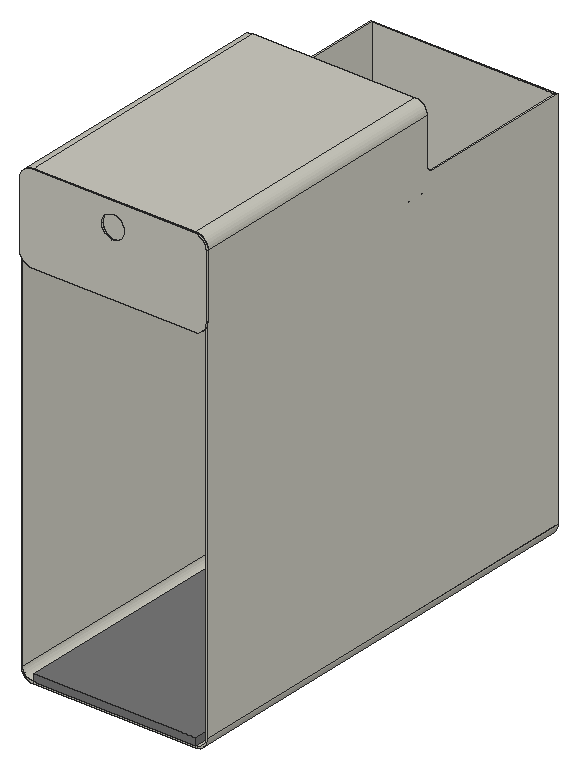
Revit family "Accessories-Teknion-JNAUOD-Undermount_Personal_Storage-R2018", category Furniture, Revit 2018
Family settings
  OmniClass Number = 23.40.20.00
  OmniClass Title = General Furniture and Specialties
  Work Plane-Based = No
  Always vertical = Yes
  Cut with Voids When Loaded = No
  Shared = Yes
  Room Calculation Point = No
Parameters (values of type "Navigate Frame Recessed Mounting Style")
  Warranty = "http://www.teknion.com/ca/papers/legal-canada"
  Unit Weight URL = "http://www.teknion.com/ca/tools/assets#&asset=bee6a381-b954-425e-8283-5a2de3a804f2,f828d448-4b62-4231-9e5f-9a8991c0ed77"
  URL = "www.teknion.com"
  To render please download texture images found here [instance] = "https://assets.teknion.com/web/5e81352c1dfdb467/revit-material-swatches/"
  Thickness of Worksurface [instance] = 3.000"
  Sustainability Data = "https://www.teknion.com/ca/tools/assets#&topic=216f99a5-57a0-44fc-b10a-9dee9b29ae4c&asset=444deb64-fe58-4b68-981e-f75e97781df7,b4ff2d81-9f2e-437d-9659-7cffb09c31cf"
  Standard = no
  Series = "Expansion Cityline"  # constant formula
  Product Page URL = "https://www.teknion.com/ca/products/product-details?productlineid=9ad2a26e-8e7a-673b-a6c8-ff05004460c4"
  Product Line = "Expansion Cityline"  # constant formula
  Product Documentation Link = "https://www.teknion.com/pricing/expansion-cityline/pdfs/JNAUOD_ppg.pdf"
  Part Number = "JNAUOD"  # constant formula
  Model = "JNAUODN170716"
  Manufacturer Phone = "416-661-3370"  # constant formula
  Manufacturer Fax = "416.661.4586"  # constant formula
  Manufacturer Contact Information = "http://www.teknion.com/ca/contactus"
  Manufacturer Address = "1150 Flint Road, Toronto, ON. M3J 2J5. Canada"  # constant formula
  Manufacturer = "Teknion"  # constant formula
  How To Use Teknion Materials User Guide [instance] = "https://assets.teknion.com/m/205dd0a49fa58060/original/How-to-add-a-Material-Library-and-Texture-Images-to-your-Revit-project.pdf"
  Height of Top of Worksurface [instance] = 30.811"
  Height [instance] = Height of Top of Worksurface - Thickness of Worksurface  # 27.811"
  For Additional Finishes please visit [instance] = "https://assets.teknion.com/m/44a8009b046e5d47/original/Teknion_Materials_Library.zip"
  Felt Finish [instance] = Fabric-Teknion-RB11-Carbon
  Drawer Front Finish [instance] = Paint - Teknion - Foundation - Soft Gris
  Description = "Undermount Personal Storage, Navigate Frame Recessed Mounting Style, 17 Height, 3 Width, 16 Depth"
  Cutouts = yes
  Cutout = 9.000"
  Case Finish [instance] = Paint - Teknion - Foundation - Soft Gris
  Assembly Code = "E2020200"
Types (3): name | Standard | Model | Description | Cutouts | Cutout
  (no name) | no | "JNAUODN170716" | "Undermount Personal Storage, Navigate Frame Recessed Mounting Style, 17 Height, 3 Width, 16 Depth" | yes | 9.000"
  Standard Mounting Style | yes | "JNAUODS170716" | "Undermount Personal Storage, Standard Mounting Style, 17 Height, 3 Width, 16 Depth" | no | 1.000"
  Navigate Frame Recessed Mounting Style | no | "JNAUODN170716" | "Undermount Personal Storage, Navigate Frame Recessed Mounting Style, 17 Height, 3 Width, 16 Depth" | yes | 9.000"
Reference planes (in)
  plane 1 "Center Front/Back": y = 0
  plane 2: z = 0
  plane 3 "Center Left/Right": x = 0
  plane 4 "Left": x = -3.49016
  plane 5 "Right": x = 3.49016
  plane 6 "Back": y = 8.21257
  plane 7 "Front": y = -8.21257
  plane 8 "Top": z = 27.811
Forms (in)
  Sweep 1, solid, material "Paint - Teknion - Foundation - Soft Gris" <- "Case Finish"
    path origin (0, 0, 0) x (1, 0, 0) y (0, 1, 0)
      loop
        line (0, -8.15352) -> (0, 8.21257)
    profile origin (0, 0.02953, 0) x (-1, 0, 0) y (0, 0, 1)
      loop
        arc (3.0374, 10.52754) -> (3.35755, 10.66014) -> (3.49016, 10.98029) r 0.45276
        line (3.49016, 10.98029) -> (3.49016, 27.35824)
        arc (3.49016, 27.35824) -> (3.35755, 27.67839) -> (3.0374, 27.811) r 0.45276
        line (3.0374, 27.811) -> (-3.0374, 27.811)
        arc (-3.0374, 27.811) -> (-3.35755, 27.67839) -> (-3.49016, 27.35824) r 0.45276
        line (-3.49016, 27.35824) -> (-3.49016, 10.98029)
        arc (-3.49016, 10.98029) -> (-3.35755, 10.66014) -> (-3.0374, 10.52754) r 0.45276
        line (-3.0374, 10.52754) -> (3.0374, 10.52754)
      loop
        line (3.4311, 10.98029) -> (3.4311, 27.35824)
        arc (3.4311, 27.35824) -> (3.31579, 27.63663) -> (3.0374, 27.75194) r 0.3937
        line (3.0374, 27.75194) -> (-3.0374, 27.75194)
        arc (-3.0374, 27.75194) -> (-3.31579, 27.63663) -> (-3.4311, 27.35824) r 0.3937
        line (-3.4311, 27.35824) -> (-3.4311, 10.98029)
        arc (-3.4311, 10.98029) -> (-3.31579, 10.7019) -> (-3.0374, 10.58659) r 0.3937
        line (-3.0374, 10.58659) -> (3.0374, 10.58659)
        arc (3.0374, 10.58659) -> (3.31579, 10.7019) -> (3.4311, 10.98029) r 0.3937
  Sweep 2, solid, material "Paint - Teknion - Foundation - Soft Gris" <- "Case Finish"
    path origin (0, 0, 0) x (1, 0, 0) y (0, 1, 0)
      loop
        line (0, -8.15352) -> (0, 2.11026)
    profile origin (0, -3.02163, 0) x (-1, 0, 0) y (0, 0, 1)
      loop
        arc (3.0374, 24.55509) -> (3.31579, 24.67041) -> (3.4311, 24.9488) r 0.3937
        line (3.4311, 24.9488) -> (3.4311, 27.35824)
        arc (3.4311, 27.35824) -> (3.31579, 27.63663) -> (3.0374, 27.75194) r 0.3937
        line (3.0374, 27.75194) -> (-3.0374, 27.75194)
        arc (-3.0374, 27.75194) -> (-3.31579, 27.63663) -> (-3.4311, 27.35824) r 0.3937
        line (-3.4311, 27.35824) -> (-3.4311, 24.9488)
        arc (-3.4311, 24.9488) -> (-3.31579, 24.67041) -> (-3.0374, 24.55509) r 0.3937
        line (-3.0374, 24.55509) -> (3.0374, 24.55509)
  Sweep 3, solid, material "Paint - Teknion - Foundation - Soft Gris" <- "Drawer Front Finish"
    path origin (0, 0, 0) x (1, 0, 0) y (0, 1, 0)
      loop
        line (0, -8.21257) -> (0, -8.15352)
    profile origin (0, -8.18304, 0) x (-1, 0, 0) y (0, 0, 1)
      loop
        arc (3.0374, 24.49604) -> (3.35755, 24.62865) -> (3.49016, 24.9488) r 0.45276
        line (3.49016, 24.9488) -> (3.49016, 27.35824)
        arc (3.49016, 27.35824) -> (3.35755, 27.67839) -> (3.0374, 27.811) r 0.45276
        line (3.0374, 27.811) -> (-3.0374, 27.811)
        arc (-3.0374, 27.811) -> (-3.35755, 27.67839) -> (-3.49016, 27.35824) r 0.45276
        line (-3.49016, 27.35824) -> (-3.49016, 24.9488)
        arc (-3.49016, 24.9488) -> (-3.35755, 24.62865) -> (-3.0374, 24.49604) r 0.45276
        line (-3.0374, 24.49604) -> (3.0374, 24.49604)
      loop
        circle (0, 26.93423) r 0.44
  Sweep 4, solid, material "Fabric-Teknion-RB11-Carbon" <- "Felt Finish"
    path origin (0, 0, 0) x (1, 0, 0) y (0, 1, 0)
      loop
        line (0, -8.15352) -> (0, 8.15357)
    profile origin (0, 0.00003, 0) x (-1, 0, 0) y (0, 0, 1)
      loop
        line (3.0374, 10.86218) -> (-3.0374, 10.86218) -> (-3.0374, 10.58659) -> (3.0374, 10.58659) -> (3.0374, 10.86218)
  Sweep 5, void
    path origin (0, 0, 0) x (1, 0, 0) y (0, 1, 0)
      loop
        line (-4.75, 0) -> (4.25, 0)
    profile origin (-0.25, 0, 0) x (0, 1, 0) y (0, 0, 1)
      loop
        line (2.36021, 25.435) -> (8.21257, 25.435) -> (8.21257, 27.811) -> (2.11026, 27.811) -> (2.11026, 25.68494)
        arc (2.11026, 25.68494) -> (2.18347, 25.50821) -> (2.36021, 25.435) r 0.24994
  Sweep 6, solid, material "Paint - Teknion - Foundation - Soft Gris" <- "Case Finish"
    path origin (0, 0, 0) x (1, 0, 0) y (0, 1, 0)
      loop
        line (0, 8.15357) -> (0, 8.21257)
    profile origin (0, 8.18307, 0) x (-1, 0, 0) y (0, 0, 1)
      loop
        line (3.49016, 10.98029) -> (3.49016, 27.35824)
        arc (3.49016, 27.35824) -> (3.35755, 27.67839) -> (3.0374, 27.811) r 0.45276
        line (3.0374, 27.811) -> (-3.0374, 27.811)
        arc (-3.0374, 27.811) -> (-3.35755, 27.67839) -> (-3.49016, 27.35824) r 0.45276
        line (-3.49016, 27.35824) -> (-3.49016, 10.98029)
        arc (-3.49016, 10.98029) -> (-3.35755, 10.66014) -> (-3.0374, 10.52754) r 0.45276
        line (-3.0374, 10.52754) -> (3.0374, 10.52754)
        arc (3.0374, 10.52754) -> (3.35755, 10.66014) -> (3.49016, 10.98029) r 0.45276
Cuts and joins
  Sweep 5 cuts Sweep 1
  Sweep 5 cuts Sweep 6
  joined: Sweep 1, Sweep 6
Lines and regions (in)
  Masking region 1, visible <- "Cutouts"
    outline origin (0, 0, 0) x (1, 0, 0) y (0, 1, 0)
      loop
        line (-3.49016, 2.11026) -> (-3.49016, -8.15352) -> (3.49016, -8.15352) -> (3.49016, 2.11026) -> (-3.49016, 2.11026)
  Masking region 2, visible <- "Cutouts"
    outline origin (0, 0, 0) x (1, 0, 0) y (0, 1, 0)
      loop
        line (3.4311, 8.15357) -> (3.4311, 2.11026) -> (3.49016, 2.11026) -> (3.49016, 8.21257) -> (-3.49016, 8.21257) -> (-3.49016, 2.11026) -> (-3.4311, 2.11026) -> (-3.4311, 8.15357) -> (3.4311, 8.15357)
  Masking region 3, visible <- "Cutouts"
    outline origin (0, 0, 0) x (1, 0, 0) y (0, 1, 0)
      loop
        line (-3.4311, 8.15357) -> (-3.4311, 2.11026) -> (-3.0374, 2.11026) -> (-3.0374, 8.15357) -> (-3.4311, 8.15357)
  Masking region 4, visible <- "Cutouts"
    outline origin (0, 0, 0) x (1, 0, 0) y (0, 1, 0)
      loop
        line (3.0374, 8.15357) -> (3.0374, 2.11026) -> (3.4311, 2.11026) -> (3.4311, 8.15357) -> (3.0374, 8.15357)
  Masking region 5, visible <- "Cutouts"
    outline origin (0, 0, 0) x (1, 0, 0) y (0, 1, 0)
      loop
        line (-3.0374, 8.15357) -> (-3.0374, 2.11026) -> (3.0374, 2.11026) -> (3.0374, 8.15357) -> (-3.0374, 8.15357)
  Masking region 6
    outline origin (0, 0, 0) x (1, 0, 0) y (0, 1, 0)
      loop
        line (-3.49016, -8.15352) -> (-3.49016, -8.21257) -> (3.49016, -8.21257) -> (3.49016, -8.15352) -> (-3.49016, -8.15352)
  Masking region 7, visible <- "Standard"
    outline origin (0, 0, 0) x (1, 0, 0) y (0, 1, 0)
      loop
        line (-3.49016, 8.21257) -> (-3.49016, -8.15352) -> (3.49016, -8.15352) -> (3.49016, 8.21257) -> (-3.49016, 8.21257)
  symbolic lines, style "FurnitureHiddenLines", detail levels medium+fine
    curve 1: line (-3.0374, 8.15357, 0) -> (-3.0374, -8.15352, 0)
    curve 2: line (3.0374, -8.15352, 0) -> (3.0374, 8.15357, 0)
    curve 3: line (3.4311, 2.11026, 0) -> (-3.4311, 2.11026, 0)
    curve 4: line (3.4311, 8.15357, 0) -> (3.0374, 8.15357, 0)
    curve 5: line (-3.0374, 8.15357, 0) -> (-3.4311, 8.15357, 0)
    curve 6: line (3.0374, 8.15357, 0) -> (-3.0374, 8.15357, 0)
    curve 7: line (-3.4311, -8.15352, 0) -> (-3.4311, 8.15357, 0)
    curve 8: line (3.4311, 8.15357, 0) -> (3.4311, -8.15352, 0)
Dimensions and locks (in)
  locked: plane 4 "Left" to plane 5 "Right" at 6.98031
  locked: plane 6 "Back" to plane 7 "Front" at 16.42514
  "Height": plane 8 "Top" to level
  equal spacing: plane 6 "Back", plane 1 "Center Front/Back", plane 7 "Front"
  equal spacing: plane 4 "Left", plane 3 "Center Left/Right", plane 5 "Right"
  locked: plane 7 "Front" to Sweep 1 sketch curve at 0.05906
  plane 8 "Top" to Sweep 1 sketch curve to Sweep 1 sketch curve to Sweep 1 sketch curve to Sweep 1 sketch curve to Sweep 1 sketch curve to Sweep 1 sketch curve to Sweep 1 sketch curve to Sweep 1 sketch curve to Sweep 1 sketch curve to Sweep 1 sketch curve to Sweep 1 sketch curve to Sweep 1 sketch curve = 0.000" locked, 0.05906" locked, 0.3937" locked, 0.000" locked, 0.000" locked, 0.000" locked, 16.37795" locked, 0.000" locked, 0.000" locked, 0.000" locked, 0.3937" locked, 0.05906" locked
  Sweep 1 sketch curve to Sweep 1 sketch curve to Sweep 1 sketch curve to Sweep 1 sketch curve to Sweep 1 sketch curve to Sweep 1 sketch curve to plane 3 "Center Left/Right" to Sweep 1 sketch curve to Sweep 1 sketch curve to Sweep 1 sketch curve to Sweep 1 sketch curve to Sweep 1 sketch curve to Sweep 1 sketch curve = 0.05906" locked, 0.3937" locked, 0.000" locked, 0.000" locked, 0.000" locked, 3.0374" locked, 3.0374" locked, 0.000" locked, 0.000" locked, 0.000" locked, 0.3937" locked, 0.05906" locked
  Sweep 2 sketch curve to plane 1 "Center Front/Back" to Sweep 2 sketch curve = 8.15352" locked, 2.11026" locked
  plane 8 "Top" to Sweep 1 to Sweep 2 sketch curve to Sweep 2 sketch curve to Sweep 2 sketch curve to Sweep 2 sketch curve to Sweep 2 sketch curve = 0.05906" locked, 0.3937" locked, 0.000" locked, 2.40945" locked, 0.000" locked, 0.3937" locked
  Sweep 2 sketch curve to Sweep 2 sketch curve to Sweep 2 sketch curve to plane 3 "Center Left/Right" to Sweep 2 sketch curve to Sweep 2 sketch curve to Sweep 2 sketch curve = 0.3937" locked, 0.000" locked, 3.0374" locked, 3.0374" locked, 0.000" locked, 0.3937" locked
  plane 7 "Front" to Sweep 3 sketch curve to Sweep 3 sketch curve = 0.000" locked, 0.05906" locked
  Sweep 3 sketch curve to plane 8 "Top" to Sweep 3 sketch curve to Sweep 3 sketch curve to Sweep 3 sketch curve to Sweep 3 sketch curve to Sweep 3 sketch curve to Sweep 3 sketch curve = 0.000" locked, 0.45276" locked, 0.000" locked, 0.42402" locked, 1.98543" locked, 0.000" locked, 0.45276" locked
  Sweep 3 sketch curve to Sweep 3 sketch curve to Sweep 3 sketch curve to plane 3 "Center Left/Right" to Sweep 3 sketch curve to Sweep 3 sketch curve to Sweep 3 sketch curve to Sweep 3 sketch curve = 0.45276" locked, 0.000" locked, 3.0374" locked, 0.000" locked, 3.0374" locked, 0.000" locked, 0.45276" locked
  locked: plane 6 "Back" to Sweep 4 sketch curve at 0.059
  locked: plane 7 "Front" to Sweep 4 sketch curve at 0.05906
  Sweep 4 sketch curve to plane 3 "Center Left/Right" to Sweep 4 sketch curve = 3.0374" locked, 3.0374" locked
  plane 8 "Top" to Sweep 4 sketch curve to Sweep 4 sketch curve = 16.94882" locked, 0.27559" locked
  locked: Sweep 5 sketch curve to plane 4 "Left" at 1.25984
  "Cutout": Sweep 5 sketch curve to Sweep 5 sketch curve
  locked: plane 8 "Top" to Sweep 5 sketch curve
  locked: plane 6 "Back" to Sweep 5 sketch curve at 0
  plane 8 "Top" to Sweep 5 sketch curve to Sweep 5 sketch curve = 2.12606" locked, 0.24994" locked
  plane 6 "Back" to Sweep 5 sketch curve to Sweep 5 sketch curve = 5.85236" locked, 0.24994" locked
  locked: plane 6 "Back" to Sweep 6 sketch curve at 0.059
  plane 8 "Top" to Sweep 6 sketch curve to Sweep 6 sketch curve to Sweep 6 sketch curve to Sweep 6 sketch curve to Sweep 6 sketch curve to Sweep 6 sketch curve = 0.000" locked, 0.45276" locked, 0.000" locked, 16.37795" locked, 0.000" locked, 0.45276" locked
  Sweep 6 sketch curve to Sweep 6 sketch curve to Sweep 6 sketch curve to plane 3 "Center Left/Right" to Sweep 6 sketch curve to Sweep 6 sketch curve to Sweep 6 sketch curve = 0.45276" locked, 0.000" locked, 3.0374" locked, 3.0374" locked, 0.000" locked, 0.45276" locked
  aligned and locked: level to plane 2
  aligned and locked: plane 6 "Back" to Sweep 1 sketch curve
  aligned and locked: plane 3 "Center Left/Right" to Sweep 1 sketch curve
  aligned and locked: plane 3 "Center Left/Right" to Sweep 2 sketch curve
  aligned and locked: Sweep 3 sketch curve to plane 3 "Center Left/Right"
  aligned and locked: plane 3 "Center Left/Right" to Sweep 4 sketch curve
  aligned and locked: Sweep 5 sketch curve to plane 1 "Center Front/Back"
  aligned and locked: plane 6 "Back" to Sweep 6 sketch curve
  aligned and locked: plane 3 "Center Left/Right" to Sweep 6 sketch curve
  aligned and locked: cut or joined group of Sweep 1, Sweep 5, Sweep 6 to Masking region 1 sketch curve
  aligned and locked: Masking region 1 sketch curve to cut or joined group of Sweep 1, Sweep 5, Sweep 6  (x2)
  aligned and locked: Masking region 1 sketch curve to Sweep 3
Automatic sketch dimensions
  plane 5 "Right" to Masking region 2 sketch curve = 0.05906"
  plane 4 "Left" to Masking region 2 sketch curve = 0.05906"
  Masking region 2 sketch curve to plane 7 "Front" = 10.32283"
  Masking region 2 sketch curve to plane 1 "Center Front/Back" = 2.11026"
  Masking region 2 sketch curve to plane 5 "Right" = 0.000"
  Masking region 2 sketch curve to plane 6 "Back" = 0.000"
  Masking region 2 sketch curve to plane 6 "Back" = 0.059"
  Masking region 2 sketch curve to plane 4 "Left" = 0.000"
  plane 4 "Left" to Masking region 3 sketch curve = 0.05906"
  Masking region 3 sketch curve to Masking region 3 sketch curve = 0.3937"
  Masking region 3 sketch curve to plane 1 "Center Front/Back" = 2.11026"
  Masking region 3 sketch curve to plane 6 "Back" = 0.059"
  plane 5 "Right" to Masking region 4 sketch curve = 0.45276"
  plane 5 "Right" to Masking region 4 sketch curve = 0.05906"
  Masking region 4 sketch curve to plane 1 "Center Front/Back" = 2.11026"
  Masking region 4 sketch curve to plane 6 "Back" = 0.059"
  plane 4 "Left" to Masking region 5 sketch curve = 0.45276"
  plane 5 "Right" to Masking region 5 sketch curve = 0.45276"
  Masking region 5 sketch curve to plane 1 "Center Front/Back" = 2.11026"
  Masking region 5 sketch curve to plane 6 "Back" = 0.059"
  Masking region 6 sketch curve to plane 4 "Left" = 0.000"
  Masking region 6 sketch curve to plane 5 "Right" = 0.000"
  Masking region 6 sketch curve to plane 7 "Front" = 0.000"
  Masking region 6 sketch curve to Masking region 6 sketch curve = 0.05906"
  Masking region 7 sketch curve to plane 4 "Left" = 0.000"
  Masking region 7 sketch curve to plane 5 "Right" = 0.000"
  Masking region 7 sketch curve to plane 6 "Back" = 0.000"
  Masking region 7 sketch curve to plane 7 "Front" = 0.05906"
  plane 4 "Left" to curve 7 = 0.05906"
  curve 6 to plane 6 "Back" = 0.059"
  curve 5 to curve 6 = 0.3937"
  plane 5 "Right" to curve 6 = 0.45276"
  plane 5 "Right" to curve 8 = 0.05906"
  curve 3 to plane 1 "Center Front/Back" = 2.11026"
  curve 7 to plane 7 "Front" = 0.05906"
  curve 2 to plane 7 "Front" = 0.05906"
  curve 1 to plane 7 "Front" = 0.05906"
  curve 8 to plane 7 "Front" = 0.05906"
  radius of Sweep 3 sketch curve = 0.440"
